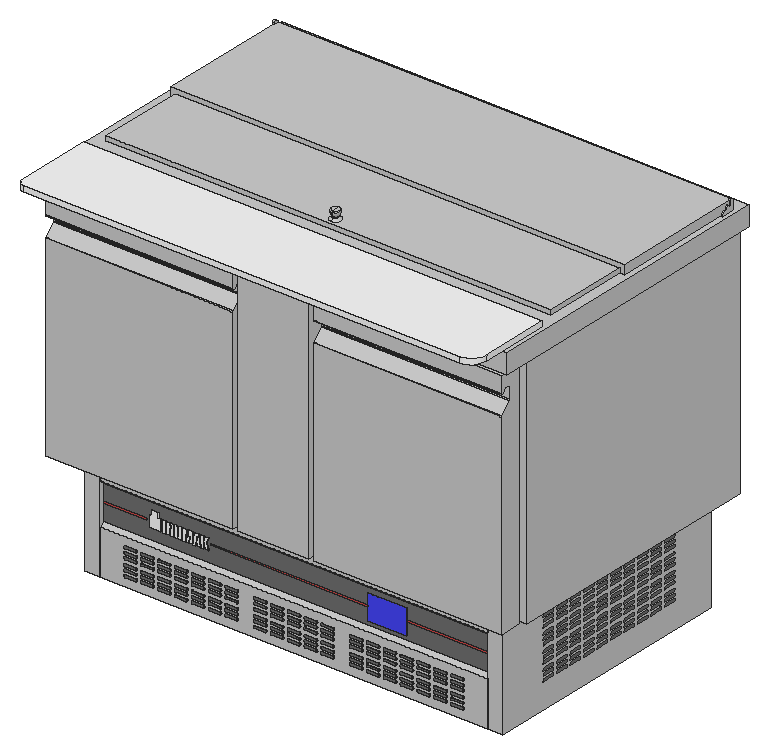
Revit family "QF_INOMAK_BSVP77_250611023528", category Specialty Equipment, Revit 2021
Family settings
  Round Connector Dimension = Use Diameter
  Part Type = Normal
  OmniClass Number = 23.40.40.14
  OmniClass Title = Food Service Equipment
  Work Plane-Based = No
  Always vertical = Yes
  Cut with Voids When Loaded = No
  Shared = No
  Room Calculation Point = No
Parameters (values of type "BSVP77")
  Weight [instance] = 91.00 kg
  Warranty Start Date [instance] = ""
  Warranty Duration [instance] = ""
  Volts [instance] = 230 V
  Volt Free Conn [instance] = no
  URL Recommended Spares List [instance] = ""
  URL Manufacturer [instance] = ""
  URL Cutsheet [instance] = ""
  URL Critical Spares List [instance] = ""
  URL = "www.inomak.com"
  Technical Documentation [instance] = ""
  Tag Number [instance] = ""
  Status [instance] = ""
  Start Up Current [instance] = 0 A
  Specification by User [instance] = ""
  Specification by Manufacturer [instance] = ""
  Sound Level [instance] = ""
  Show Logo [instance] = yes
  Show Clearances [instance] = yes
  Service Life Duration [instance] = ""
  Serial Number [instance] = ""
  Seismic Rating [instance] = ""
  SMACNA No [instance] = ""
  Revision Code [instance] = ""
  Revision [instance] = ""
  Production Year [instance] = ""
  Potential Equalisation [instance] = no
  Point Load [instance] = 0
  Phase [instance] = 1
  Other Equipment Approvals [instance] = ""
  Operational Current [instance] = 0 A
  Number of Poles [instance] = 2
  No Load Power Draw [instance] = no
  NAFEM Spec ID Number [instance] = ""
  Model Warning [instance] = ""
  Model = "BSVP77"
  Min Ckt Ampacity [instance] = 0 A
  Max Overcurrent Protection [instance] = 10 A
  Masterspec [instance] = ""
  Manufacturer = "INOMAK"
  Main switch integrated [instance] = no
  Length Actual [instance] = 1080 mm
  Item Number [instance] = ""
  Installed By [instance] = ""
  Installation Date [instance] = ""
  Identify Quantity as Lot [instance] = no
  ID [instance] = ""
  Hygiene Approval [instance] = ""
  Height Actual [instance] = 905 mm
  HP power [instance] = ""
  Furnished By [instance] = ""
  Foodservice Equipment Identifier [instance] = no
  FL Amps [instance] = 2.8 A
  Electrical Remarks [instance] = ""
  Electric power [instance] = 340 W
  Electric Connection Type [instance] = ""
  Elec Conn RI Height [instance] = 0 mm
  Elec Conn Connection Height [instance] = 0 mm
  ETL Approved [instance] = no
  Description = "BOLETUS CHILLER COUNTER WITH 2 DOORS AND RETRACTABLE LID, BASE MOTOR"
  Depth Actual [instance] = 700 mm
  Default Elevation = 0 mm
  Cycle [instance] = 50 Hz
  Cost = 0
  Connection to energy optimisation system [instance] = yes
  Conn Plug [instance] = ""
  Conn Conduit [instance] = no
  Centralized building control system with digital interface [instance] = ""
  CSI MasterFormat [instance] = ""
  CE Approved [instance] = no
  Barcode [instance] = 0
  Author [instance] = ""
  Asset Identifier [instance] = ""
  Apparent Power [instance] = 340 VA
  Accessory [instance] = no
Reference planes
  plane 1 "Center (Front/Back)": y = 0
  plane 2: z = 0
  plane 3 "Center (Left/Right)": x = 0
Forms (mm)
  Extrusion 1, solid, not visible
    sketch origin (1000.049, -42.002, 150.007) x (1, 0, 0) y (0, 1, 0)
      loop
        line (-2, 2) -> (-2, -2) -> (2, -2) -> (2, 2) -> (-2, 2)
    from -2 to 2
Dimensions and locks
  locked: Extrusion 1 to nested 2
  locked: nested 2 to Extrusion 1 at 2
  aligned and locked: level to plane 2
Nested families
  nested 1: "QF_INOMAK_REF_BASE_MOTOR_2920" at (0, 0, 0), type "BSVP77"
    with Weight 91.00 kg, Warranty Start Date "", Warranty Duration "", URL Cutsheet "", Technical Documentation "", Tag Number "", Status "", Specification by User "", Specification by Manufacturer "", Sound Level "", Solid Fuel Type "", Show Clearances yes, Show Clearance yes, Service Life Duration "", Serial Number "", Seismic Rating "", SMACNA No "", Revision Code "", Revision "", Production Year "", Point Load 0, Other Equipment Approvals "", NAFEM Spec ID Number "", Model Warning "", Masterspec "", Length Actual 1080 mm, Item Number "", Installed By "", Installation Date "", Identify Quantity as Lot yes, ID "", Hygiene Approval "", Height Actual 905 mm, Furnished By "", Foodservice Equipment Identifier yes, Finish none, ETL Approved yes, Depth Actual 700 mm, CSI MasterFormat "", CE Approved yes, Barcode "", Author "", Asset Identifier "", Accessory no
  nested 2: "CONN_POINT_ELE_2D___Generic_Annotation" at (1000.049, -40.002, 150.007), type "CONN_POINT_ELE_2D___Generic_Annotation"
    with Onboard connection annotation symbol visibility yes
  nested 3: "QF_INOMAK_REF_SALADETTE_WORKTOPS_LID_5707" at (0, 0, 812), type "WTRL-1080-700"
    with Worktop thickness 46 mm, Weight 0.00 kg, Warranty Start Date "", Warranty Duration "", URL Cutsheet "", Technical Documentation "", Tag Number "", Status "", Specification by User "", Specification by Manufacturer "", Sound Level "", Solid Fuel Type "", Show Logo yes, Show Clearances yes, Show Clearance yes, Service Life Duration "", Serial Number "", Seismic Rating "", SMACNA No "", Revision Code "", Revision "", Production Year "", Point Load 0, Other Equipment Approvals "", NAFEM Spec ID Number "", Model Warning "", Masterspec "", Length Actual 1080 mm, Item Number "", Installed By "", Installation Date "", Identify Quantity as Lot yes, ID "", Hygiene Approval "", Height Actual 46 mm, Height AFF 0 mm, Furnished By "", Foodservice Equipment Identifier yes, Finish none, ETL Approved yes, Depth Actual 700 mm, CSI MasterFormat "", CE Approved yes, Barcode "", Author "", Asset Identifier "", Accessory yes
Connectors
  electrical at (1000.049, -40.002, 150.007), driven by "Apparent Power", driven by "Number of Poles", driven by "Volts"
    settings: on Extrusion 1, index 1, voltage 230 V, apparent load 0 VA, apparent load phase1 340 VA, apparent load phase2 0 VA, apparent load phase3 0 VA, power factor 1, load classification "Other", number of poles 2, system type 31, power factor state 1, is connector primary yes, connector utility no, sub classification motor no, connector description "Electrical connection for BSVP77"
Definition of nested family "QF_INOMAK_REF_BASE_MOTOR_2920"
  Parameters (values of type "BRVP7300")
    Weight [instance] = 0.00 kg
    Warranty Start Date [instance] = ""
    Warranty Duration [instance] = ""
    URL Cutsheet [instance] = ""
    URL = "www.inomak.com"
    Technical Documentation [instance] = ""
    Tag Number [instance] = ""
    Status [instance] = ""
    Specification by User [instance] = ""
    Specification by Manufacturer [instance] = ""
    Sound Level [instance] = ""
    Solid Fuel Type [instance] = ""
    Show Logo = yes
    Show Clearances [instance] = yes
    Show Clearance [instance] = yes
    Service Life Duration [instance] = ""
    Serial Number [instance] = ""
    Seismic Rating [instance] = ""
    SMACNA No [instance] = ""
    Revision Code [instance] = ""
    Revision [instance] = ""
    Production Year [instance] = ""
    Point Load [instance] = 0
    Other Equipment Approvals [instance] = ""
    NAFEM Spec ID Number [instance] = ""
    Model Warning [instance] = ""
    Model = "BRVP7300"
    Masterspec [instance] = ""
    Manufacturer = "INOMAK"
    Length Actual [instance] = 0 mm
    Item Number [instance] = ""
    Installed By [instance] = ""
    Installation Date [instance] = ""
    Identify Quantity as Lot [instance] = yes
    ID [instance] = ""
    Hygiene Approval [instance] = ""
    Height Actual [instance] = 0 mm
    Furnished By [instance] = ""
    Foodservice Equipment Identifier [instance] = yes
    Finish [instance] = none
    ETL Approved [instance] = yes
    Description = "BOLETUS SALADETTE COUNTER WITH DOUBLE SNEEZE GUARD AND 2 DOORS, BASE MOTOR"
    Depth Actual [instance] = 0 mm
    Default Elevation = 0 mm
    CSI MasterFormat [instance] = ""
    CE Approved [instance] = yes
    Barcode [instance] = ""
    Author [instance] = ""
    Asset Identifier [instance] = ""
    Assembly Code = "E1090320"
    Accessory [instance] = yes
  Types (7, lengths in mm): name | Model | Description
    BPVP7300 | "BPVP7300" | "BOLETUS CHILLER COUNTER WITH 2 DOORS, BASE MOTOR"
    BSVP77 | "BSVP77" | "BOLETUS CHILLER COUNTER WITH 2 DOORS AND RETRACTABLE LID, BASE MOTOR"
    BSVP7300 | "BSVP7300" | "BOLETUS REFRIGERATED COUNTER WITH BASE MOTOR AND FLEXIBLE VITRINE SYSTEM"
    BPZP7300 | "BPZP7300" | "BOLETUS SALADETTE COUNTER WITH PREP STATION AND 2 DOORS, BASE MOTOR"
    BVVP7300 | "BVVP7300" | "BOLETUS SALADETTE COUNTER WITH SINGLE SNEEZE GUARD AND 2 DOORS, BASE MOTOR"
    BSQP7300 | "BSQP7300" | "BOLETUS SALADETTE COUNTER WITH SQUARE SHOWCASE AND 2 DOORS, BASE MOTOR"
    BRVP7300 | "BRVP7300" | "BOLETUS SALADETTE COUNTER WITH DOUBLE SNEEZE GUARD AND 2 DOORS, BASE MOTOR"
  Reference planes
    plane 1 "Back": y = 0
    plane 2: z = 0
    plane 3 "Left": x = 0
    plane 4 "Right": x = 1080
    plane 5 "Front": y = -700
    plane 6 "Top": z = 812
  Forms (mm)
    Extrusion 1, solid
      sketch origin (-1817.685, -640, 3553.67) x (-1, 0, 0) y (0, 0, 1)
        loop
          line (-2612.685, -3353.789) -> (-2612.685, -3411.65) -> (-2522.133, -3411.65) -> (-2522.133, -3353.789) -> (-2612.685, -3353.789)
      from 7.3 to 10.302
    Extrusion 2, solid
      sketch origin (-1732.685, -640, 3553.67) x (-1, 0, 0) y (0, 0, 1)
        loop
          line (-1823.685, -3342.27) -> (-2721.685, -3342.27) -> (-2721.685, -3421.309) -> (-1823.685, -3421.309) -> (-1823.685, -3342.27)
      from 7.8 to 10.302
    Extrusion 3, solid, visible <- "Show Logo"
      sketch origin (-1577.685, -640, 3553.67) x (-1, 0, 0) y (0, 0, 1)
        loop
          line (-1776.745, -3369.74) -> (-1782.745, -3369.74) -> (-1782.745, -3358.633) -> (-1796.982, -3358.633) -> (-1796.982, -3369.74) -> (-1802.982, -3369.74) -> (-1802.982, -3395.99) -> (-1776.745, -3395.99) -> (-1776.745, -3369.74)
        loop
          line (-1807.298, -3370.052) -> (-1814.587, -3370.052) -> (-1814.587, -3395.99) -> (-1807.298, -3395.99) -> (-1807.298, -3370.052)
        loop
          line (-1817.107, -3395.99) -> (-1817.107, -3370.052) -> (-1823.94, -3370.052) -> (-1827.134, -3381.971) -> (-1827.134, -3370.052) -> (-1833.666, -3370.052) -> (-1833.666, -3395.99) -> (-1827.134, -3395.99) -> (-1823.42, -3382.127) -> (-1823.42, -3395.99) -> (-1817.107, -3395.99)
        loop
          line (-1854.348, -3395.99) -> (-1854.348, -3370.052) -> (-1863.311, -3370.052) -> (-1865.673, -3384.062) -> (-1868.035, -3370.052) -> (-1876.997, -3370.052) -> (-1876.997, -3395.99) -> (-1870.372, -3395.99) -> (-1870.372, -3382.127) -> (-1868.035, -3395.99) -> (-1863.311, -3395.99) -> (-1860.973, -3382.127) -> (-1860.973, -3395.99) -> (-1854.348, -3395.99)
        loop
          line (-1839.536, -3370.052) -> (-1848.861, -3370.052)
          arc (-1848.861, -3370.052) -> (-1851.458, -3371.128) -> (-1852.533, -3373.724) r 3.672
          line (-1852.533, -3373.724) -> (-1852.533, -3392.318)
          arc (-1852.533, -3392.318) -> (-1851.458, -3394.914) -> (-1848.861, -3395.99) r 3.672
          line (-1848.861, -3395.99) -> (-1839.536, -3395.99)
          arc (-1839.536, -3395.99) -> (-1836.939, -3394.914) -> (-1835.864, -3392.318) r 3.672
          line (-1835.864, -3392.318) -> (-1835.864, -3373.724)
          arc (-1835.864, -3373.724) -> (-1836.939, -3371.128) -> (-1839.536, -3370.052) r 3.672
        loop
          arc (-1843.172, -3373.208) -> (-1844.198, -3372.181) -> (-1845.225, -3373.208) r 1.027
          line (-1845.225, -3373.208) -> (-1845.225, -3391.801)
          arc (-1845.225, -3391.801) -> (-1844.198, -3392.828) -> (-1843.172, -3391.801) r 1.027
          line (-1843.172, -3391.801) -> (-1843.172, -3373.208)
        loop
          line (-1878.066, -3395.99) -> (-1882.439, -3370.052) -> (-1891.3, -3370.052) -> (-1895.673, -3395.99) -> (-1889.146, -3395.99) -> (-1888.536, -3391.027) -> (-1885.203, -3391.027) -> (-1884.593, -3395.99) -> (-1878.066, -3395.99)
        loop
          line (-1885.759, -3386.498) -> (-1886.87, -3377.452) -> (-1887.98, -3386.498) -> (-1885.759, -3386.498)
        loop
          line (-1896.638, -3395.99) -> (-1896.638, -3370.052) -> (-1903.263, -3370.052) -> (-1903.263, -3379.165) -> (-1906.049, -3370.052) -> (-1913.487, -3370.052) -> (-1909.159, -3381.329) -> (-1914.207, -3395.99) -> (-1906.623, -3395.99) -> (-1903.263, -3383.45) -> (-1903.263, -3395.99) -> (-1896.638, -3395.99)
      from 7.3 to 10.3
    Extrusion 4, solid
      sketch origin (-1732.685, -640, 3553.67) x (-1, 0, 0) y (0, 0, 1)
        loop
          line (-1823.685, -3379.789) -> (-1924.679, -3379.789) -> (-1924.679, -3383.789) -> (-1823.685, -3383.789) -> (-1823.685, -3379.789)
        loop
          line (-2073.161, -3379.789) -> (-2437.133, -3379.789) -> (-2437.133, -3383.789) -> (-2073.161, -3383.789) -> (-2073.161, -3379.789)
        loop
          line (-2721.685, -3379.789) -> (-2721.685, -3383.789) -> (-2527.685, -3383.789) -> (-2527.685, -3379.789) -> (-2721.685, -3379.789)
      from 7.3 to 10.302
    Extrusion 5, solid, material <- "Finish"
      sketch origin (0, 84.612, -2428.33) x (0, 1, 0) y (0, 0, 1)
        loop
          line (-724.612, 2698.33) -> (-724.612, 2648.032) -> (-716.31, 2639.73) -> (-716.31, 2560.691) -> (-724.612, 2552.389) -> (-724.612, 2448.33) -> (-124.612, 2448.33) -> (-124.612, 2698.33) -> (-724.612, 2698.33)
      from 91 to 989
    Extrusion 6, solid, material <- "Finish"
      sketch origin (56, -9.097, -395.687) x (1, 0, 0) y (0, 1, 0)
        loop
          line (0, -630.903) -> (35, -630.903) -> (35, -30.903) -> (0, -30.903) -> (0, -630.903)
      from 415.687 to 665.687
    Extrusion 7, solid, material <- "Finish"
      sketch origin (664, -9.097, -395.687) x (-1, 0, 0) y (0, -1, 0)
        loop
          line (-360, 630.903) -> (-360, 30.903) -> (-325, 30.903) -> (-325, 630.903) -> (-360, 630.903)
      from 415.687 to 665.687
    Extrusion 8, solid
      sketch origin (-1577.755, -657, -505.005) x (-1, 0, 0) y (0, 0, 1)
        loop
          arc (-1985.436, 609.535) -> (-1988.436, 606.535) -> (-1985.436, 603.535) r 3
          line (-1985.436, 603.535) -> (-1961.436, 603.535)
          arc (-1961.436, 603.535) -> (-1958.436, 606.535) -> (-1961.436, 609.535) r 3
          line (-1961.436, 609.535) -> (-1985.436, 609.535)
        loop
          arc (-1946.436, 609.535) -> (-1949.436, 606.535) -> (-1946.436, 603.535) r 3
          line (-1946.436, 603.535) -> (-1922.436, 603.535)
          arc (-1922.436, 603.535) -> (-1919.436, 606.535) -> (-1922.436, 609.535) r 3
          line (-1922.436, 609.535) -> (-1946.436, 609.535)
        loop
          arc (-1907.436, 609.535) -> (-1910.436, 606.535) -> (-1907.436, 603.535) r 3
          line (-1907.436, 603.535) -> (-1883.436, 603.535)
          arc (-1883.436, 603.535) -> (-1880.436, 606.535) -> (-1883.436, 609.535) r 3
          line (-1883.436, 609.535) -> (-1907.436, 609.535)
        loop
          arc (-1868.436, 609.535) -> (-1871.436, 606.535) -> (-1868.436, 603.535) r 3
          line (-1868.436, 603.535) -> (-1844.436, 603.535)
          arc (-1844.436, 603.535) -> (-1841.436, 606.535) -> (-1844.436, 609.535) r 3
          line (-1844.436, 609.535) -> (-1868.436, 609.535)
        loop
          arc (-1829.436, 609.535) -> (-1832.436, 606.535) -> (-1829.436, 603.535) r 3
          line (-1829.436, 603.535) -> (-1805.436, 603.535)
          arc (-1805.436, 603.535) -> (-1802.436, 606.535) -> (-1805.436, 609.535) r 3
          line (-1805.436, 609.535) -> (-1829.436, 609.535)
        loop
          arc (-1790.436, 609.535) -> (-1793.436, 606.535) -> (-1790.436, 603.535) r 3
          line (-1790.436, 603.535) -> (-1766.436, 603.535)
          arc (-1766.436, 603.535) -> (-1763.436, 606.535) -> (-1766.436, 609.535) r 3
          line (-1766.436, 609.535) -> (-1790.436, 609.535)
        loop
          arc (-1751.436, 609.535) -> (-1754.436, 606.535) -> (-1751.436, 603.535) r 3
          line (-1751.436, 603.535) -> (-1727.436, 603.535)
          arc (-1727.436, 603.535) -> (-1724.436, 606.535) -> (-1727.436, 609.535) r 3
          line (-1727.436, 609.535) -> (-1751.436, 609.535)
        loop
          arc (-1985.436, 598.535) -> (-1988.436, 595.535) -> (-1985.436, 592.535) r 3
          line (-1985.436, 592.535) -> (-1961.436, 592.535)
          arc (-1961.436, 592.535) -> (-1958.436, 595.535) -> (-1961.436, 598.535) r 3
          line (-1961.436, 598.535) -> (-1985.436, 598.535)
        loop
          arc (-1946.436, 598.535) -> (-1949.436, 595.535) -> (-1946.436, 592.535) r 3
          line (-1946.436, 592.535) -> (-1922.436, 592.535)
          arc (-1922.436, 592.535) -> (-1919.436, 595.535) -> (-1922.436, 598.535) r 3
          line (-1922.436, 598.535) -> (-1946.436, 598.535)
        loop
          arc (-1907.436, 598.535) -> (-1910.436, 595.535) -> (-1907.436, 592.535) r 3
          line (-1907.436, 592.535) -> (-1883.436, 592.535)
          arc (-1883.436, 592.535) -> (-1880.436, 595.535) -> (-1883.436, 598.535) r 3
          line (-1883.436, 598.535) -> (-1907.436, 598.535)
        loop
          arc (-1868.436, 598.535) -> (-1871.436, 595.535) -> (-1868.436, 592.535) r 3
          line (-1868.436, 592.535) -> (-1844.436, 592.535)
          arc (-1844.436, 592.535) -> (-1841.436, 595.535) -> (-1844.436, 598.535) r 3
          line (-1844.436, 598.535) -> (-1868.436, 598.535)
        loop
          arc (-1829.436, 598.535) -> (-1832.436, 595.535) -> (-1829.436, 592.535) r 3
          line (-1829.436, 592.535) -> (-1805.436, 592.535)
          arc (-1805.436, 592.535) -> (-1802.436, 595.535) -> (-1805.436, 598.535) r 3
          line (-1805.436, 598.535) -> (-1829.436, 598.535)
        loop
          arc (-1790.436, 598.535) -> (-1793.436, 595.535) -> (-1790.436, 592.535) r 3
          line (-1790.436, 592.535) -> (-1766.436, 592.535)
          arc (-1766.436, 592.535) -> (-1763.436, 595.535) -> (-1766.436, 598.535) r 3
          line (-1766.436, 598.535) -> (-1790.436, 598.535)
        loop
          arc (-1751.436, 598.535) -> (-1754.436, 595.535) -> (-1751.436, 592.535) r 3
          line (-1751.436, 592.535) -> (-1727.436, 592.535)
          arc (-1727.436, 592.535) -> (-1724.436, 595.535) -> (-1727.436, 598.535) r 3
          line (-1727.436, 598.535) -> (-1751.436, 598.535)
        loop
          arc (-1985.436, 587.535) -> (-1988.436, 584.535) -> (-1985.436, 581.535) r 3
          line (-1985.436, 581.535) -> (-1961.436, 581.535)
          arc (-1961.436, 581.535) -> (-1958.436, 584.535) -> (-1961.436, 587.535) r 3
          line (-1961.436, 587.535) -> (-1985.436, 587.535)
        loop
          arc (-1946.436, 587.535) -> (-1949.436, 584.535) -> (-1946.436, 581.535) r 3
          line (-1946.436, 581.535) -> (-1922.436, 581.535)
          arc (-1922.436, 581.535) -> (-1919.436, 584.535) -> (-1922.436, 587.535) r 3
          line (-1922.436, 587.535) -> (-1946.436, 587.535)
        loop
          arc (-1907.436, 587.535) -> (-1910.436, 584.535) -> (-1907.436, 581.535) r 3
          line (-1907.436, 581.535) -> (-1883.436, 581.535)
          arc (-1883.436, 581.535) -> (-1880.436, 584.535) -> (-1883.436, 587.535) r 3
          line (-1883.436, 587.535) -> (-1907.436, 587.535)
        loop
          arc (-1868.436, 587.535) -> (-1871.436, 584.535) -> (-1868.436, 581.535) r 3
          line (-1868.436, 581.535) -> (-1844.436, 581.535)
          arc (-1844.436, 581.535) -> (-1841.436, 584.535) -> (-1844.436, 587.535) r 3
          line (-1844.436, 587.535) -> (-1868.436, 587.535)
        loop
          arc (-1829.436, 587.535) -> (-1832.436, 584.535) -> (-1829.436, 581.535) r 3
          line (-1829.436, 581.535) -> (-1805.436, 581.535)
          arc (-1805.436, 581.535) -> (-1802.436, 584.535) -> (-1805.436, 587.535) r 3
          line (-1805.436, 587.535) -> (-1829.436, 587.535)
        loop
          arc (-1790.436, 587.535) -> (-1793.436, 584.535) -> (-1790.436, 581.535) r 3
          line (-1790.436, 581.535) -> (-1766.436, 581.535)
          arc (-1766.436, 581.535) -> (-1763.436, 584.535) -> (-1766.436, 587.535) r 3
          line (-1766.436, 587.535) -> (-1790.436, 587.535)
        loop
          arc (-1751.436, 587.535) -> (-1754.436, 584.535) -> (-1751.436, 581.535) r 3
          line (-1751.436, 581.535) -> (-1727.436, 581.535)
          arc (-1727.436, 581.535) -> (-1724.436, 584.535) -> (-1727.436, 587.535) r 3
          line (-1727.436, 587.535) -> (-1751.436, 587.535)
        loop
          arc (-1985.436, 572.535) -> (-1988.436, 569.535) -> (-1985.436, 566.535) r 3
          line (-1985.436, 566.535) -> (-1961.436, 566.535)
          arc (-1961.436, 566.535) -> (-1958.436, 569.535) -> (-1961.436, 572.535) r 3
          line (-1961.436, 572.535) -> (-1985.436, 572.535)
        loop
          arc (-1946.436, 572.535) -> (-1949.436, 569.535) -> (-1946.436, 566.535) r 3
          line (-1946.436, 566.535) -> (-1922.436, 566.535)
          arc (-1922.436, 566.535) -> (-1919.436, 569.535) -> (-1922.436, 572.535) r 3
          line (-1922.436, 572.535) -> (-1946.436, 572.535)
        loop
          arc (-1907.436, 572.535) -> (-1910.436, 569.535) -> (-1907.436, 566.535) r 3
          line (-1907.436, 566.535) -> (-1883.436, 566.535)
          arc (-1883.436, 566.535) -> (-1880.436, 569.535) -> (-1883.436, 572.535) r 3
          line (-1883.436, 572.535) -> (-1907.436, 572.535)
        loop
          arc (-1868.436, 572.535) -> (-1871.436, 569.535) -> (-1868.436, 566.535) r 3
          line (-1868.436, 566.535) -> (-1844.436, 566.535)
          arc (-1844.436, 566.535) -> (-1841.436, 569.535) -> (-1844.436, 572.535) r 3
          line (-1844.436, 572.535) -> (-1868.436, 572.535)
        loop
          arc (-1829.436, 572.535) -> (-1832.436, 569.535) -> (-1829.436, 566.535) r 3
          line (-1829.436, 566.535) -> (-1805.436, 566.535)
          arc (-1805.436, 566.535) -> (-1802.436, 569.535) -> (-1805.436, 572.535) r 3
          line (-1805.436, 572.535) -> (-1829.436, 572.535)
        loop
          arc (-1790.436, 572.535) -> (-1793.436, 569.535) -> (-1790.436, 566.535) r 3
          line (-1790.436, 566.535) -> (-1766.436, 566.535)
          arc (-1766.436, 566.535) -> (-1763.436, 569.535) -> (-1766.436, 572.535) r 3
          line (-1766.436, 572.535) -> (-1790.436, 572.535)
        loop
          arc (-1751.436, 572.535) -> (-1754.436, 569.535) -> (-1751.436, 566.535) r 3
          line (-1751.436, 566.535) -> (-1727.436, 566.535)
          arc (-1727.436, 566.535) -> (-1724.436, 569.535) -> (-1727.436, 572.535) r 3
          line (-1727.436, 572.535) -> (-1751.436, 572.535)
        loop
          arc (-1985.436, 561.535) -> (-1988.436, 558.535) -> (-1985.436, 555.535) r 3
          line (-1985.436, 555.535) -> (-1961.436, 555.535)
          arc (-1961.436, 555.535) -> (-1958.436, 558.535) -> (-1961.436, 561.535) r 3
          line (-1961.436, 561.535) -> (-1985.436, 561.535)
        loop
          arc (-1946.436, 561.535) -> (-1949.436, 558.535) -> (-1946.436, 555.535) r 3
          line (-1946.436, 555.535) -> (-1922.436, 555.535)
          arc (-1922.436, 555.535) -> (-1919.436, 558.535) -> (-1922.436, 561.535) r 3
          line (-1922.436, 561.535) -> (-1946.436, 561.535)
        loop
          arc (-1907.436, 561.535) -> (-1910.436, 558.535) -> (-1907.436, 555.535) r 3
          line (-1907.436, 555.535) -> (-1883.436, 555.535)
          arc (-1883.436, 555.535) -> (-1880.436, 558.535) -> (-1883.436, 561.535) r 3
          line (-1883.436, 561.535) -> (-1907.436, 561.535)
        loop
          arc (-1868.436, 561.535) -> (-1871.436, 558.535) -> (-1868.436, 555.535) r 3
          line (-1868.436, 555.535) -> (-1844.436, 555.535)
          arc (-1844.436, 555.535) -> (-1841.436, 558.535) -> (-1844.436, 561.535) r 3
          line (-1844.436, 561.535) -> (-1868.436, 561.535)
        loop
          arc (-1829.436, 561.535) -> (-1832.436, 558.535) -> (-1829.436, 555.535) r 3
          line (-1829.436, 555.535) -> (-1805.436, 555.535)
          arc (-1805.436, 555.535) -> (-1802.436, 558.535) -> (-1805.436, 561.535) r 3
          line (-1805.436, 561.535) -> (-1829.436, 561.535)
        loop
          arc (-1790.436, 561.535) -> (-1793.436, 558.535) -> (-1790.436, 555.535) r 3
          line (-1790.436, 555.535) -> (-1766.436, 555.535)
          arc (-1766.436, 555.535) -> (-1763.436, 558.535) -> (-1766.436, 561.535) r 3
          line (-1766.436, 561.535) -> (-1790.436, 561.535)
        loop
          arc (-1751.436, 561.535) -> (-1754.436, 558.535) -> (-1751.436, 555.535) r 3
          line (-1751.436, 555.535) -> (-1727.436, 555.535)
          arc (-1727.436, 555.535) -> (-1724.436, 558.535) -> (-1727.436, 561.535) r 3
          line (-1727.436, 561.535) -> (-1751.436, 561.535)
        loop
          arc (-1985.436, 550.535) -> (-1988.436, 547.535) -> (-1985.436, 544.535) r 3
          line (-1985.436, 544.535) -> (-1961.436, 544.535)
          arc (-1961.436, 544.535) -> (-1958.436, 547.535) -> (-1961.436, 550.535) r 3
          line (-1961.436, 550.535) -> (-1985.436, 550.535)
        loop
          arc (-1946.436, 550.535) -> (-1949.436, 547.535) -> (-1946.436, 544.535) r 3
          line (-1946.436, 544.535) -> (-1922.436, 544.535)
          arc (-1922.436, 544.535) -> (-1919.436, 547.535) -> (-1922.436, 550.535) r 3
          line (-1922.436, 550.535) -> (-1946.436, 550.535)
        loop
          arc (-1907.436, 550.535) -> (-1910.436, 547.535) -> (-1907.436, 544.535) r 3
          line (-1907.436, 544.535) -> (-1883.436, 544.535)
          arc (-1883.436, 544.535) -> (-1880.436, 547.535) -> (-1883.436, 550.535) r 3
          line (-1883.436, 550.535) -> (-1907.436, 550.535)
        loop
          arc (-1868.436, 550.535) -> (-1871.436, 547.535) -> (-1868.436, 544.535) r 3
          line (-1868.436, 544.535) -> (-1844.436, 544.535)
          arc (-1844.436, 544.535) -> (-1841.436, 547.535) -> (-1844.436, 550.535) r 3
          line (-1844.436, 550.535) -> (-1868.436, 550.535)
        loop
          arc (-1829.436, 550.535) -> (-1832.436, 547.535) -> (-1829.436, 544.535) r 3
          line (-1829.436, 544.535) -> (-1805.436, 544.535)
          arc (-1805.436, 544.535) -> (-1802.436, 547.535) -> (-1805.436, 550.535) r 3
          line (-1805.436, 550.535) -> (-1829.436, 550.535)
        loop
          arc (-1790.436, 550.535) -> (-1793.436, 547.535) -> (-1790.436, 544.535) r 3
          line (-1790.436, 544.535) -> (-1766.436, 544.535)
          arc (-1766.436, 544.535) -> (-1763.436, 547.535) -> (-1766.436, 550.535) r 3
          line (-1766.436, 550.535) -> (-1790.436, 550.535)
        loop
          arc (-1751.436, 550.535) -> (-1754.436, 547.535) -> (-1751.436, 544.535) r 3
          line (-1751.436, 544.535) -> (-1727.436, 544.535)
          arc (-1727.436, 544.535) -> (-1724.436, 547.535) -> (-1727.436, 550.535) r 3
          line (-1727.436, 550.535) -> (-1751.436, 550.535)
        loop
          line (-2250.075, 609.535) -> (-2274.075, 609.535)
          arc (-2274.075, 609.535) -> (-2277.075, 606.535) -> (-2274.075, 603.535) r 3
          line (-2274.075, 603.535) -> (-2250.075, 603.535)
          arc (-2250.075, 603.535) -> (-2247.075, 606.535) -> (-2250.075, 609.535) r 3
        loop
          line (-2289.075, 609.535) -> (-2313.075, 609.535)
          arc (-2313.075, 609.535) -> (-2316.075, 606.535) -> (-2313.075, 603.535) r 3
          line (-2313.075, 603.535) -> (-2289.075, 603.535)
          arc (-2289.075, 603.535) -> (-2286.075, 606.535) -> (-2289.075, 609.535) r 3
        loop
          line (-2328.075, 609.535) -> (-2352.075, 609.535)
          arc (-2352.075, 609.535) -> (-2355.075, 606.535) -> (-2352.075, 603.535) r 3
          line (-2352.075, 603.535) -> (-2328.075, 603.535)
          arc (-2328.075, 603.535) -> (-2325.075, 606.535) -> (-2328.075, 609.535) r 3
        loop
          line (-2367.075, 609.535) -> (-2391.075, 609.535)
          arc (-2391.075, 609.535) -> (-2394.075, 606.535) -> (-2391.075, 603.535) r 3
          line (-2391.075, 603.535) -> (-2367.075, 603.535)
          arc (-2367.075, 603.535) -> (-2364.075, 606.535) -> (-2367.075, 609.535) r 3
        loop
          line (-2406.075, 609.535) -> (-2430.075, 609.535)
          arc (-2430.075, 609.535) -> (-2433.075, 606.535) -> (-2430.075, 603.535) r 3
          line (-2430.075, 603.535) -> (-2406.075, 603.535)
          arc (-2406.075, 603.535) -> (-2403.075, 606.535) -> (-2406.075, 609.535) r 3
        loop
          line (-2445.075, 609.535) -> (-2469.075, 609.535)
          arc (-2469.075, 609.535) -> (-2472.075, 606.535) -> (-2469.075, 603.535) r 3
          line (-2469.075, 603.535) -> (-2445.075, 603.535)
          arc (-2445.075, 603.535) -> (-2442.075, 606.535) -> (-2445.075, 609.535) r 3
        loop
          line (-2484.075, 609.535) -> (-2508.075, 609.535)
          arc (-2508.075, 609.535) -> (-2511.075, 606.535) -> (-2508.075, 603.535) r 3
          line (-2508.075, 603.535) -> (-2484.075, 603.535)
          arc (-2484.075, 603.535) -> (-2481.075, 606.535) -> (-2484.075, 609.535) r 3
        loop
          line (-2250.075, 598.535) -> (-2274.075, 598.535)
          arc (-2274.075, 598.535) -> (-2277.075, 595.535) -> (-2274.075, 592.535) r 3
          line (-2274.075, 592.535) -> (-2250.075, 592.535)
          arc (-2250.075, 592.535) -> (-2247.075, 595.535) -> (-2250.075, 598.535) r 3
        loop
          line (-2289.075, 598.535) -> (-2313.075, 598.535)
          arc (-2313.075, 598.535) -> (-2316.075, 595.535) -> (-2313.075, 592.535) r 3
          line (-2313.075, 592.535) -> (-2289.075, 592.535)
          arc (-2289.075, 592.535) -> (-2286.075, 595.535) -> (-2289.075, 598.535) r 3
        loop
          line (-2328.075, 598.535) -> (-2352.075, 598.535)
          arc (-2352.075, 598.535) -> (-2355.075, 595.535) -> (-2352.075, 592.535) r 3
          line (-2352.075, 592.535) -> (-2328.075, 592.535)
          arc (-2328.075, 592.535) -> (-2325.075, 595.535) -> (-2328.075, 598.535) r 3
        loop
          line (-2367.075, 598.535) -> (-2391.075, 598.535)
          arc (-2391.075, 598.535) -> (-2394.075, 595.535) -> (-2391.075, 592.535) r 3
          line (-2391.075, 592.535) -> (-2367.075, 592.535)
          arc (-2367.075, 592.535) -> (-2364.075, 595.535) -> (-2367.075, 598.535) r 3
        loop
          line (-2406.075, 598.535) -> (-2430.075, 598.535)
          arc (-2430.075, 598.535) -> (-2433.075, 595.535) -> (-2430.075, 592.535) r 3
          line (-2430.075, 592.535) -> (-2406.075, 592.535)
          arc (-2406.075, 592.535) -> (-2403.075, 595.535) -> (-2406.075, 598.535) r 3
        loop
          line (-2445.075, 598.535) -> (-2469.075, 598.535)
          arc (-2469.075, 598.535) -> (-2472.075, 595.535) -> (-2469.075, 592.535) r 3
          line (-2469.075, 592.535) -> (-2445.075, 592.535)
          arc (-2445.075, 592.535) -> (-2442.075, 595.535) -> (-2445.075, 598.535) r 3
        loop
          line (-2484.075, 598.535) -> (-2508.075, 598.535)
          arc (-2508.075, 598.535) -> (-2511.075, 595.535) -> (-2508.075, 592.535) r 3
          line (-2508.075, 592.535) -> (-2484.075, 592.535)
          arc (-2484.075, 592.535) -> (-2481.075, 595.535) -> (-2484.075, 598.535) r 3
        loop
          line (-2250.075, 587.535) -> (-2274.075, 587.535)
          arc (-2274.075, 587.535) -> (-2277.075, 584.535) -> (-2274.075, 581.535) r 3
          line (-2274.075, 581.535) -> (-2250.075, 581.535)
          arc (-2250.075, 581.535) -> (-2247.075, 584.535) -> (-2250.075, 587.535) r 3
        loop
          line (-2289.075, 587.535) -> (-2313.075, 587.535)
          arc (-2313.075, 587.535) -> (-2316.075, 584.535) -> (-2313.075, 581.535) r 3
          line (-2313.075, 581.535) -> (-2289.075, 581.535)
          arc (-2289.075, 581.535) -> (-2286.075, 584.535) -> (-2289.075, 587.535) r 3
        loop
          line (-2328.075, 587.535) -> (-2352.075, 587.535)
          arc (-2352.075, 587.535) -> (-2355.075, 584.535) -> (-2352.075, 581.535) r 3
          line (-2352.075, 581.535) -> (-2328.075, 581.535)
          arc (-2328.075, 581.535) -> (-2325.075, 584.535) -> (-2328.075, 587.535) r 3
        loop
          line (-2367.075, 587.535) -> (-2391.075, 587.535)
          arc (-2391.075, 587.535) -> (-2394.075, 584.535) -> (-2391.075, 581.535) r 3
          line (-2391.075, 581.535) -> (-2367.075, 581.535)
          arc (-2367.075, 581.535) -> (-2364.075, 584.535) -> (-2367.075, 587.535) r 3
        loop
          line (-2406.075, 587.535) -> (-2430.075, 587.535)
          arc (-2430.075, 587.535) -> (-2433.075, 584.535) -> (-2430.075, 581.535) r 3
          line (-2430.075, 581.535) -> (-2406.075, 581.535)
          arc (-2406.075, 581.535) -> (-2403.075, 584.535) -> (-2406.075, 587.535) r 3
        loop
          line (-2445.075, 587.535) -> (-2469.075, 587.535)
          arc (-2469.075, 587.535) -> (-2472.075, 584.535) -> (-2469.075, 581.535) r 3
          line (-2469.075, 581.535) -> (-2445.075, 581.535)
          arc (-2445.075, 581.535) -> (-2442.075, 584.535) -> (-2445.075, 587.535) r 3
        loop
          line (-2484.075, 587.535) -> (-2508.075, 587.535)
          arc (-2508.075, 587.535) -> (-2511.075, 584.535) -> (-2508.075, 581.535) r 3
          line (-2508.075, 581.535) -> (-2484.075, 581.535)
          arc (-2484.075, 581.535) -> (-2481.075, 584.535) -> (-2484.075, 587.535) r 3
        loop
          line (-2250.075, 572.535) -> (-2274.075, 572.535)
          arc (-2274.075, 572.535) -> (-2277.075, 569.535) -> (-2274.075, 566.535) r 3
          line (-2274.075, 566.535) -> (-2250.075, 566.535)
          arc (-2250.075, 566.535) -> (-2247.075, 569.535) -> (-2250.075, 572.535) r 3
        loop
          line (-2289.075, 572.535) -> (-2313.075, 572.535)
          arc (-2313.075, 572.535) -> (-2316.075, 569.535) -> (-2313.075, 566.535) r 3
          line (-2313.075, 566.535) -> (-2289.075, 566.535)
          arc (-2289.075, 566.535) -> (-2286.075, 569.535) -> (-2289.075, 572.535) r 3
        loop
          line (-2328.075, 572.535) -> (-2352.075, 572.535)
          arc (-2352.075, 572.535) -> (-2355.075, 569.535) -> (-2352.075, 566.535) r 3
          line (-2352.075, 566.535) -> (-2328.075, 566.535)
          arc (-2328.075, 566.535) -> (-2325.075, 569.535) -> (-2328.075, 572.535) r 3
        loop
          line (-2367.075, 572.535) -> (-2391.075, 572.535)
          arc (-2391.075, 572.535) -> (-2394.075, 569.535) -> (-2391.075, 566.535) r 3
          line (-2391.075, 566.535) -> (-2367.075, 566.535)
          arc (-2367.075, 566.535) -> (-2364.075, 569.535) -> (-2367.075, 572.535) r 3
        loop
          line (-2406.075, 572.535) -> (-2430.075, 572.535)
          arc (-2430.075, 572.535) -> (-2433.075, 569.535) -> (-2430.075, 566.535) r 3
          line (-2430.075, 566.535) -> (-2406.075, 566.535)
          arc (-2406.075, 566.535) -> (-2403.075, 569.535) -> (-2406.075, 572.535) r 3
        loop
          line (-2445.075, 572.535) -> (-2469.075, 572.535)
          arc (-2469.075, 572.535) -> (-2472.075, 569.535) -> (-2469.075, 566.535) r 3
          line (-2469.075, 566.535) -> (-2445.075, 566.535)
          arc (-2445.075, 566.535) -> (-2442.075, 569.535) -> (-2445.075, 572.535) r 3
        loop
          line (-2484.075, 572.535) -> (-2508.075, 572.535)
          arc (-2508.075, 572.535) -> (-2511.075, 569.535) -> (-2508.075, 566.535) r 3
          line (-2508.075, 566.535) -> (-2484.075, 566.535)
          arc (-2484.075, 566.535) -> (-2481.075, 569.535) -> (-2484.075, 572.535) r 3
        loop
          line (-2250.075, 561.535) -> (-2274.075, 561.535)
          arc (-2274.075, 561.535) -> (-2277.075, 558.535) -> (-2274.075, 555.535) r 3
          line (-2274.075, 555.535) -> (-2250.075, 555.535)
          arc (-2250.075, 555.535) -> (-2247.075, 558.535) -> (-2250.075, 561.535) r 3
        loop
          line (-2289.075, 561.535) -> (-2313.075, 561.535)
          arc (-2313.075, 561.535) -> (-2316.075, 558.535) -> (-2313.075, 555.535) r 3
          line (-2313.075, 555.535) -> (-2289.075, 555.535)
          arc (-2289.075, 555.535) -> (-2286.075, 558.535) -> (-2289.075, 561.535) r 3
        loop
          line (-2328.075, 561.535) -> (-2352.075, 561.535)
          arc (-2352.075, 561.535) -> (-2355.075, 558.535) -> (-2352.075, 555.535) r 3
          line (-2352.075, 555.535) -> (-2328.075, 555.535)
          arc (-2328.075, 555.535) -> (-2325.075, 558.535) -> (-2328.075, 561.535) r 3
        loop
          line (-2367.075, 561.535) -> (-2391.075, 561.535)
          arc (-2391.075, 561.535) -> (-2394.075, 558.535) -> (-2391.075, 555.535) r 3
          line (-2391.075, 555.535) -> (-2367.075, 555.535)
          arc (-2367.075, 555.535) -> (-2364.075, 558.535) -> (-2367.075, 561.535) r 3
        loop
          line (-2406.075, 561.535) -> (-2430.075, 561.535)
          arc (-2430.075, 561.535) -> (-2433.075, 558.535) -> (-2430.075, 555.535) r 3
          line (-2430.075, 555.535) -> (-2406.075, 555.535)
          arc (-2406.075, 555.535) -> (-2403.075, 558.535) -> (-2406.075, 561.535) r 3
        loop
          line (-2445.075, 561.535) -> (-2469.075, 561.535)
          arc (-2469.075, 561.535) -> (-2472.075, 558.535) -> (-2469.075, 555.535) r 3
          line (-2469.075, 555.535) -> (-2445.075, 555.535)
          arc (-2445.075, 555.535) -> (-2442.075, 558.535) -> (-2445.075, 561.535) r 3
        loop
          line (-2484.075, 561.535) -> (-2508.075, 561.535)
          arc (-2508.075, 561.535) -> (-2511.075, 558.535) -> (-2508.075, 555.535) r 3
          line (-2508.075, 555.535) -> (-2484.075, 555.535)
          arc (-2484.075, 555.535) -> (-2481.075, 558.535) -> (-2484.075, 561.535) r 3
        loop
          line (-2250.075, 550.535) -> (-2274.075, 550.535)
          arc (-2274.075, 550.535) -> (-2277.075, 547.535) -> (-2274.075, 544.535) r 3
          line (-2274.075, 544.535) -> (-2250.075, 544.535)
          arc (-2250.075, 544.535) -> (-2247.075, 547.535) -> (-2250.075, 550.535) r 3
        loop
          line (-2289.075, 550.535) -> (-2313.075, 550.535)
          arc (-2313.075, 550.535) -> (-2316.075, 547.535) -> (-2313.075, 544.535) r 3
          line (-2313.075, 544.535) -> (-2289.075, 544.535)
          arc (-2289.075, 544.535) -> (-2286.075, 547.535) -> (-2289.075, 550.535) r 3
        loop
          line (-2328.075, 550.535) -> (-2352.075, 550.535)
          arc (-2352.075, 550.535) -> (-2355.075, 547.535) -> (-2352.075, 544.535) r 3
          line (-2352.075, 544.535) -> (-2328.075, 544.535)
          arc (-2328.075, 544.535) -> (-2325.075, 547.535) -> (-2328.075, 550.535) r 3
        loop
          line (-2367.075, 550.535) -> (-2391.075, 550.535)
          arc (-2391.075, 550.535) -> (-2394.075, 547.535) -> (-2391.075, 544.535) r 3
          line (-2391.075, 544.535) -> (-2367.075, 544.535)
          arc (-2367.075, 544.535) -> (-2364.075, 547.535) -> (-2367.075, 550.535) r 3
        loop
          line (-2406.075, 550.535) -> (-2430.075, 550.535)
          arc (-2430.075, 550.535) -> (-2433.075, 547.535) -> (-2430.075, 544.535) r 3
          line (-2430.075, 544.535) -> (-2406.075, 544.535)
          arc (-2406.075, 544.535) -> (-2403.075, 547.535) -> (-2406.075, 550.535) r 3
        loop
          line (-2445.075, 550.535) -> (-2469.075, 550.535)
          arc (-2469.075, 550.535) -> (-2472.075, 547.535) -> (-2469.075, 544.535) r 3
          line (-2469.075, 544.535) -> (-2445.075, 544.535)
          arc (-2445.075, 544.535) -> (-2442.075, 547.535) -> (-2445.075, 550.535) r 3
        loop
          line (-2484.075, 550.535) -> (-2508.075, 550.535)
          arc (-2508.075, 550.535) -> (-2511.075, 547.535) -> (-2508.075, 544.535) r 3
          line (-2508.075, 544.535) -> (-2484.075, 544.535)
          arc (-2484.075, 544.535) -> (-2481.075, 547.535) -> (-2484.075, 550.535) r 3
        loop
          line (-2027.755, 609.535) -> (-2051.755, 609.535)
          arc (-2051.755, 609.535) -> (-2054.755, 606.535) -> (-2051.755, 603.535) r 3
          line (-2051.755, 603.535) -> (-2027.755, 603.535)
          arc (-2027.755, 603.535) -> (-2024.755, 606.535) -> (-2027.755, 609.535) r 3
        loop
          line (-2066.755, 609.535) -> (-2090.755, 609.535)
          arc (-2090.755, 609.535) -> (-2093.755, 606.535) -> (-2090.755, 603.535) r 3
          line (-2090.755, 603.535) -> (-2066.755, 603.535)
          arc (-2066.755, 603.535) -> (-2063.755, 606.535) -> (-2066.755, 609.535) r 3
        loop
          line (-2105.755, 609.535) -> (-2129.755, 609.535)
          arc (-2129.755, 609.535) -> (-2132.755, 606.535) -> (-2129.755, 603.535) r 3
          line (-2129.755, 603.535) -> (-2105.755, 603.535)
          arc (-2105.755, 603.535) -> (-2102.755, 606.535) -> (-2105.755, 609.535) r 3
        loop
          line (-2144.755, 609.535) -> (-2168.755, 609.535)
          arc (-2168.755, 609.535) -> (-2171.755, 606.535) -> (-2168.755, 603.535) r 3
          line (-2168.755, 603.535) -> (-2144.755, 603.535)
          arc (-2144.755, 603.535) -> (-2141.755, 606.535) -> (-2144.755, 609.535) r 3
        loop
          line (-2183.755, 609.535) -> (-2207.755, 609.535)
          arc (-2207.755, 609.535) -> (-2210.755, 606.535) -> (-2207.755, 603.535) r 3
          line (-2207.755, 603.535) -> (-2183.755, 603.535)
          arc (-2183.755, 603.535) -> (-2180.755, 606.535) -> (-2183.755, 609.535) r 3
        loop
          line (-2027.755, 598.535) -> (-2051.755, 598.535)
          arc (-2051.755, 598.535) -> (-2054.755, 595.535) -> (-2051.755, 592.535) r 3
          line (-2051.755, 592.535) -> (-2027.755, 592.535)
          arc (-2027.755, 592.535) -> (-2024.755, 595.535) -> (-2027.755, 598.535) r 3
        loop
          line (-2066.755, 598.535) -> (-2090.755, 598.535)
          arc (-2090.755, 598.535) -> (-2093.755, 595.535) -> (-2090.755, 592.535) r 3
          line (-2090.755, 592.535) -> (-2066.755, 592.535)
          arc (-2066.755, 592.535) -> (-2063.755, 595.535) -> (-2066.755, 598.535) r 3
        loop
          line (-2105.755, 598.535) -> (-2129.755, 598.535)
          arc (-2129.755, 598.535) -> (-2132.755, 595.535) -> (-2129.755, 592.535) r 3
          line (-2129.755, 592.535) -> (-2105.755, 592.535)
          arc (-2105.755, 592.535) -> (-2102.755, 595.535) -> (-2105.755, 598.535) r 3
        loop
          line (-2144.755, 598.535) -> (-2168.755, 598.535)
          arc (-2168.755, 598.535) -> (-2171.755, 595.535) -> (-2168.755, 592.535) r 3
          line (-2168.755, 592.535) -> (-2144.755, 592.535)
          arc (-2144.755, 592.535) -> (-2141.755, 595.535) -> (-2144.755, 598.535) r 3
        loop
          line (-2183.755, 598.535) -> (-2207.755, 598.535)
          arc (-2207.755, 598.535) -> (-2210.755, 595.535) -> (-2207.755, 592.535) r 3
          line (-2207.755, 592.535) -> (-2183.755, 592.535)
          arc (-2183.755, 592.535) -> (-2180.755, 595.535) -> (-2183.755, 598.535) r 3
        loop
          line (-2027.755, 587.535) -> (-2051.755, 587.535)
          arc (-2051.755, 587.535) -> (-2054.755, 584.535) -> (-2051.755, 581.535) r 3
          line (-2051.755, 581.535) -> (-2027.755, 581.535)
          arc (-2027.755, 581.535) -> (-2024.755, 584.535) -> (-2027.755, 587.535) r 3
        loop
          line (-2066.755, 587.535) -> (-2090.755, 587.535)
          arc (-2090.755, 587.535) -> (-2093.755, 584.535) -> (-2090.755, 581.535) r 3
          line (-2090.755, 581.535) -> (-2066.755, 581.535)
          arc (-2066.755, 581.535) -> (-2063.755, 584.535) -> (-2066.755, 587.535) r 3
        loop
          line (-2105.755, 587.535) -> (-2129.755, 587.535)
          arc (-2129.755, 587.535) -> (-2132.755, 584.535) -> (-2129.755, 581.535) r 3
          line (-2129.755, 581.535) -> (-2105.755, 581.535)
          arc (-2105.755, 581.535) -> (-2102.755, 584.535) -> (-2105.755, 587.535) r 3
        loop
          line (-2144.755, 587.535) -> (-2168.755, 587.535)
          arc (-2168.755, 587.535) -> (-2171.755, 584.535) -> (-2168.755, 581.535) r 3
          line (-2168.755, 581.535) -> (-2144.755, 581.535)
          arc (-2144.755, 581.535) -> (-2141.755, 584.535) -> (-2144.755, 587.535) r 3
        loop
          line (-2183.755, 587.535) -> (-2207.755, 587.535)
          arc (-2207.755, 587.535) -> (-2210.755, 584.535) -> (-2207.755, 581.535) r 3
          line (-2207.755, 581.535) -> (-2183.755, 581.535)
          arc (-2183.755, 581.535) -> (-2180.755, 584.535) -> (-2183.755, 587.535) r 3
        loop
          line (-2027.755, 572.535) -> (-2051.755, 572.535)
          arc (-2051.755, 572.535) -> (-2054.755, 569.535) -> (-2051.755, 566.535) r 3
          line (-2051.755, 566.535) -> (-2027.755, 566.535)
          arc (-2027.755, 566.535) -> (-2024.755, 569.535) -> (-2027.755, 572.535) r 3
        loop
          line (-2066.755, 572.535) -> (-2090.755, 572.535)
          arc (-2090.755, 572.535) -> (-2093.755, 569.535) -> (-2090.755, 566.535) r 3
          line (-2090.755, 566.535) -> (-2066.755, 566.535)
          arc (-2066.755, 566.535) -> (-2063.755, 569.535) -> (-2066.755, 572.535) r 3
        loop
          line (-2105.755, 572.535) -> (-2129.755, 572.535)
          arc (-2129.755, 572.535) -> (-2132.755, 569.535) -> (-2129.755, 566.535) r 3
          line (-2129.755, 566.535) -> (-2105.755, 566.535)
          arc (-2105.755, 566.535) -> (-2102.755, 569.535) -> (-2105.755, 572.535) r 3
        loop
          line (-2144.755, 572.535) -> (-2168.755, 572.535)
          arc (-2168.755, 572.535) -> (-2171.755, 569.535) -> (-2168.755, 566.535) r 3
          line (-2168.755, 566.535) -> (-2144.755, 566.535)
          arc (-2144.755, 566.535) -> (-2141.755, 569.535) -> (-2144.755, 572.535) r 3
        loop
          line (-2183.755, 572.535) -> (-2207.755, 572.535)
          arc (-2207.755, 572.535) -> (-2210.755, 569.535) -> (-2207.755, 566.535) r 3
          line (-2207.755, 566.535) -> (-2183.755, 566.535)
          arc (-2183.755, 566.535) -> (-2180.755, 569.535) -> (-2183.755, 572.535) r 3
        loop
          line (-2027.755, 561.535) -> (-2051.755, 561.535)
          arc (-2051.755, 561.535) -> (-2054.755, 558.535) -> (-2051.755, 555.535) r 3
          line (-2051.755, 555.535) -> (-2027.755, 555.535)
          arc (-2027.755, 555.535) -> (-2024.755, 558.535) -> (-2027.755, 561.535) r 3
        loop
          line (-2066.755, 561.535) -> (-2090.755, 561.535)
          arc (-2090.755, 561.535) -> (-2093.755, 558.535) -> (-2090.755, 555.535) r 3
          line (-2090.755, 555.535) -> (-2066.755, 555.535)
          arc (-2066.755, 555.535) -> (-2063.755, 558.535) -> (-2066.755, 561.535) r 3
        loop
          line (-2105.755, 561.535) -> (-2129.755, 561.535)
          arc (-2129.755, 561.535) -> (-2132.755, 558.535) -> (-2129.755, 555.535) r 3
          line (-2129.755, 555.535) -> (-2105.755, 555.535)
          arc (-2105.755, 555.535) -> (-2102.755, 558.535) -> (-2105.755, 561.535) r 3
        loop
          line (-2144.755, 561.535) -> (-2168.755, 561.535)
          arc (-2168.755, 561.535) -> (-2171.755, 558.535) -> (-2168.755, 555.535) r 3
          line (-2168.755, 555.535) -> (-2144.755, 555.535)
          arc (-2144.755, 555.535) -> (-2141.755, 558.535) -> (-2144.755, 561.535) r 3
        loop
          line (-2183.755, 561.535) -> (-2207.755, 561.535)
          arc (-2207.755, 561.535) -> (-2210.755, 558.535) -> (-2207.755, 555.535) r 3
          line (-2207.755, 555.535) -> (-2183.755, 555.535)
          arc (-2183.755, 555.535) -> (-2180.755, 558.535) -> (-2183.755, 561.535) r 3
        loop
          line (-2027.755, 550.535) -> (-2051.755, 550.535)
          arc (-2051.755, 550.535) -> (-2054.755, 547.535) -> (-2051.755, 544.535) r 3
          line (-2051.755, 544.535) -> (-2027.755, 544.535)
          arc (-2027.755, 544.535) -> (-2024.755, 547.535) -> (-2027.755, 550.535) r 3
        loop
          line (-2066.755, 550.535) -> (-2090.755, 550.535)
          arc (-2090.755, 550.535) -> (-2093.755, 547.535) -> (-2090.755, 544.535) r 3
          line (-2090.755, 544.535) -> (-2066.755, 544.535)
          arc (-2066.755, 544.535) -> (-2063.755, 547.535) -> (-2066.755, 550.535) r 3
        loop
          line (-2105.755, 550.535) -> (-2129.755, 550.535)
          arc (-2129.755, 550.535) -> (-2132.755, 547.535) -> (-2129.755, 544.535) r 3
          line (-2129.755, 544.535) -> (-2105.755, 544.535)
          arc (-2105.755, 544.535) -> (-2102.755, 547.535) -> (-2105.755, 550.535) r 3
        loop
          line (-2144.755, 550.535) -> (-2168.755, 550.535)
          arc (-2168.755, 550.535) -> (-2171.755, 547.535) -> (-2168.755, 544.535) r 3
          line (-2168.755, 544.535) -> (-2144.755, 544.535)
          arc (-2144.755, 544.535) -> (-2141.755, 547.535) -> (-2144.755, 550.535) r 3
        loop
          line (-2183.755, 550.535) -> (-2207.755, 550.535)
          arc (-2207.755, 550.535) -> (-2210.755, 547.535) -> (-2207.755, 544.535) r 3
          line (-2207.755, 544.535) -> (-2183.755, 544.535)
          arc (-2183.755, 544.535) -> (-2180.755, 547.535) -> (-2183.755, 550.535) r 3
      from 16.5 to 19
    Extrusion 9, solid, material <- "Finish"
      sketch origin (50, 5.903, -123.687) x (1, 0, 0) y (0, 1, 0)
        loop
          line (-50, -645.903) -> (1030, -645.903) -> (1030, -30.903) -> (-50, -30.903) -> (-50, -645.903)
      from 393.687 to 935.687
    Revolve 10, solid
      sketch origin (-1726.685, -595, 4000) x (-1, 0, 0) y (0, 0, 1)
        loop
          line (-1827.685, -3980) -> (-1832.685, -3980) -> (-1832.685, -4000) -> (-1818.685, -4000)
          arc (-1818.685, -4000) -> (-1816.563, -3999.121) -> (-1815.685, -3997) r 3
          line (-1815.685, -3997) -> (-1815.685, -3990.988)
          arc (-1815.685, -3990.988) -> (-1816.563, -3988.866) -> (-1818.685, -3987.988) r 3
          line (-1818.685, -3987.988) -> (-1827.685, -3987.988) -> (-1827.685, -3980)
        axis (-1832.685, -4000) -> (-1832.685, -3980)
      angle from 0 to 360
    Revolve 11, solid
      sketch origin (2806.685, -595, 4000) x (1, 0, 0) y (0, 0, -1)
        loop
          line (-1827.685, 3980) -> (-1827.685, 3987.988) -> (-1818.685, 3987.988)
          arc (-1818.685, 3987.988) -> (-1816.563, 3988.866) -> (-1815.685, 3990.988) r 3
          line (-1815.685, 3990.988) -> (-1815.685, 3997)
          arc (-1815.685, 3997) -> (-1816.563, 3999.121) -> (-1818.685, 4000) r 3
          line (-1818.685, 4000) -> (-1832.685, 4000) -> (-1832.685, 3980) -> (-1827.685, 3980)
        axis (-1832.685, 4000) -> (-1832.685, 3980)
      angle from 0 to 360
    Revolve 12, solid
      sketch origin (-1726.685, -75, 4000) x (-1, 0, 0) y (0, 0, -1)
        loop
          line (-1827.685, 3980) -> (-1827.685, 3987.988) -> (-1818.685, 3987.988)
          arc (-1818.685, 3987.988) -> (-1816.563, 3988.866) -> (-1815.685, 3990.988) r 3
          line (-1815.685, 3990.988) -> (-1815.685, 3997)
          arc (-1815.685, 3997) -> (-1816.563, 3999.121) -> (-1818.685, 4000) r 3
          line (-1818.685, 4000) -> (-1832.685, 4000) -> (-1832.685, 3980) -> (-1827.685, 3980)
        axis (-1832.685, 4000) -> (-1832.685, 3980)
      angle from 0 to 360
    Revolve 13, solid
      sketch origin (2806.685, -75, 4000) x (1, 0, 0) y (0, 0, 1)
        loop
          line (-1827.685, -3980) -> (-1832.685, -3980) -> (-1832.685, -4000) -> (-1818.685, -4000)
          arc (-1818.685, -4000) -> (-1816.563, -3999.121) -> (-1815.685, -3997) r 3
          line (-1815.685, -3997) -> (-1815.685, -3990.988)
          arc (-1815.685, -3990.988) -> (-1816.563, -3988.866) -> (-1818.685, -3987.988) r 3
          line (-1818.685, -3987.988) -> (-1827.685, -3987.988) -> (-1827.685, -3980)
        axis (-1832.685, -4000) -> (-1832.685, -3980)
      angle from 0 to 360
    Extrusion 14, solid, material <- "Finish"
      sketch origin (447, -10, 107) x (0, -1, 0) y (0, 0, -1)
        loop
          line (690, -163) -> (640, -163) -> (640, -700) -> (690, -700) -> (690, -661.747)
          arc (690, -661.747) -> (688.671, -659.935) -> (686.544, -660.657) r 1.9
          line (686.544, -660.657) -> (680.029, -669.961) -> (668.119, -669.961)
          arc (668.119, -669.961) -> (666.433, -669.262) -> (665.734, -667.576) r 2.385
          line (665.734, -667.576) -> (665.734, -640.672)
          arc (665.734, -640.672) -> (665.976, -639.458) -> (666.663, -638.429) r 3.172
          line (666.663, -638.429) -> (689.485, -615.607)
          arc (689.485, -615.607) -> (689.866, -615.037) -> (690, -614.365) r 1.757
          line (690, -614.365) -> (690, -163)
      from 0 to -435
    Extrusion 15, solid, detail levels coarse
      sketch origin (447, -710, 117) x (-1, 0, 0) y (0, 1, 0)
        loop
          line (435, 10) -> (0, 10)
          arc (0, 10) -> (134.757, -285.109) -> (435, -408) r 440.665
          line (435, -408) -> (435, 10)
      from -153 to -690
    Extrusion 16, solid, material <- "Finish"
      sketch origin (633, -10, 107) x (0, -1, 0) y (0, 0, 1)
        loop
          line (690, 163) -> (690, 614.365)
          arc (690, 614.365) -> (689.866, 615.037) -> (689.485, 615.607) r 1.757
          line (689.485, 615.607) -> (666.663, 638.429)
          arc (666.663, 638.429) -> (665.976, 639.458) -> (665.734, 640.672) r 3.172
          line (665.734, 640.672) -> (665.734, 667.576)
          arc (665.734, 667.576) -> (666.433, 669.262) -> (668.119, 669.961) r 2.385
          line (668.119, 669.961) -> (680.029, 669.961) -> (686.544, 660.657)
          arc (686.544, 660.657) -> (688.671, 659.935) -> (690, 661.747) r 1.9
          line (690, 661.747) -> (690, 700) -> (640, 700) -> (640, 163) -> (690, 163)
      from 0 to -435
    Extrusion 17, solid, detail levels coarse
      sketch origin (633, -710, 117) x (-1, 0, 0) y (0, 1, 0)
        loop
          line (-435, 10) -> (-435, -408)
          arc (-435, -408) -> (-134.757, -285.109) -> (0, 10) r 440.665
          line (0, 10) -> (-435, 10)
      from -153 to -690
    Extrusion 18, solid, material <- "Finish"
      sketch origin (0, 0, 2) x (1, 0, 0) y (0, 1, 0)
        loop
          line (457, -640) -> (457, -700) -> (623, -700) -> (623, -640) -> (457, -640)
      from 268 to 810
    Extrusion 19, solid
      sketch origin (39, 1580.136, -390.167) x (0, 1, 0) y (0, 0, 1)
        loop
          arc (-1985.436, 609.535) -> (-1988.436, 606.535) -> (-1985.436, 603.535) r 3
          line (-1985.436, 603.535) -> (-1961.436, 603.535)
          arc (-1961.436, 603.535) -> (-1958.436, 606.535) -> (-1961.436, 609.535) r 3
          line (-1961.436, 609.535) -> (-1985.436, 609.535)
        loop
          arc (-1946.436, 609.535) -> (-1949.436, 606.535) -> (-1946.436, 603.535) r 3
          line (-1946.436, 603.535) -> (-1922.436, 603.535)
          arc (-1922.436, 603.535) -> (-1919.436, 606.535) -> (-1922.436, 609.535) r 3
          line (-1922.436, 609.535) -> (-1946.436, 609.535)
        loop
          arc (-1907.436, 609.535) -> (-1910.436, 606.535) -> (-1907.436, 603.535) r 3
          line (-1907.436, 603.535) -> (-1883.436, 603.535)
          arc (-1883.436, 603.535) -> (-1880.436, 606.535) -> (-1883.436, 609.535) r 3
          line (-1883.436, 609.535) -> (-1907.436, 609.535)
        loop
          arc (-1868.436, 609.535) -> (-1871.436, 606.535) -> (-1868.436, 603.535) r 3
          line (-1868.436, 603.535) -> (-1844.436, 603.535)
          arc (-1844.436, 603.535) -> (-1841.436, 606.535) -> (-1844.436, 609.535) r 3
          line (-1844.436, 609.535) -> (-1868.436, 609.535)
        loop
          arc (-1829.436, 609.535) -> (-1832.436, 606.535) -> (-1829.436, 603.535) r 3
          line (-1829.436, 603.535) -> (-1805.436, 603.535)
          arc (-1805.436, 603.535) -> (-1802.436, 606.535) -> (-1805.436, 609.535) r 3
          line (-1805.436, 609.535) -> (-1829.436, 609.535)
        loop
          arc (-1790.436, 609.535) -> (-1793.436, 606.535) -> (-1790.436, 603.535) r 3
          line (-1790.436, 603.535) -> (-1766.436, 603.535)
          arc (-1766.436, 603.535) -> (-1763.436, 606.535) -> (-1766.436, 609.535) r 3
          line (-1766.436, 609.535) -> (-1790.436, 609.535)
        loop
          arc (-1751.436, 609.535) -> (-1754.436, 606.535) -> (-1751.436, 603.535) r 3
          line (-1751.436, 603.535) -> (-1727.436, 603.535)
          arc (-1727.436, 603.535) -> (-1724.436, 606.535) -> (-1727.436, 609.535) r 3
          line (-1727.436, 609.535) -> (-1751.436, 609.535)
        loop
          arc (-1985.436, 598.535) -> (-1988.436, 595.535) -> (-1985.436, 592.535) r 3
          line (-1985.436, 592.535) -> (-1961.436, 592.535)
          arc (-1961.436, 592.535) -> (-1958.436, 595.535) -> (-1961.436, 598.535) r 3
          line (-1961.436, 598.535) -> (-1985.436, 598.535)
        loop
          arc (-1946.436, 598.535) -> (-1949.436, 595.535) -> (-1946.436, 592.535) r 3
          line (-1946.436, 592.535) -> (-1922.436, 592.535)
          arc (-1922.436, 592.535) -> (-1919.436, 595.535) -> (-1922.436, 598.535) r 3
          line (-1922.436, 598.535) -> (-1946.436, 598.535)
        loop
          arc (-1907.436, 598.535) -> (-1910.436, 595.535) -> (-1907.436, 592.535) r 3
          line (-1907.436, 592.535) -> (-1883.436, 592.535)
          arc (-1883.436, 592.535) -> (-1880.436, 595.535) -> (-1883.436, 598.535) r 3
          line (-1883.436, 598.535) -> (-1907.436, 598.535)
        loop
          arc (-1868.436, 598.535) -> (-1871.436, 595.535) -> (-1868.436, 592.535) r 3
          line (-1868.436, 592.535) -> (-1844.436, 592.535)
          arc (-1844.436, 592.535) -> (-1841.436, 595.535) -> (-1844.436, 598.535) r 3
          line (-1844.436, 598.535) -> (-1868.436, 598.535)
        loop
          arc (-1829.436, 598.535) -> (-1832.436, 595.535) -> (-1829.436, 592.535) r 3
          line (-1829.436, 592.535) -> (-1805.436, 592.535)
          arc (-1805.436, 592.535) -> (-1802.436, 595.535) -> (-1805.436, 598.535) r 3
          line (-1805.436, 598.535) -> (-1829.436, 598.535)
        loop
          arc (-1790.436, 598.535) -> (-1793.436, 595.535) -> (-1790.436, 592.535) r 3
          line (-1790.436, 592.535) -> (-1766.436, 592.535)
          arc (-1766.436, 592.535) -> (-1763.436, 595.535) -> (-1766.436, 598.535) r 3
          line (-1766.436, 598.535) -> (-1790.436, 598.535)
        loop
          arc (-1751.436, 598.535) -> (-1754.436, 595.535) -> (-1751.436, 592.535) r 3
          line (-1751.436, 592.535) -> (-1727.436, 592.535)
          arc (-1727.436, 592.535) -> (-1724.436, 595.535) -> (-1727.436, 598.535) r 3
          line (-1727.436, 598.535) -> (-1751.436, 598.535)
        loop
          arc (-1985.436, 587.535) -> (-1988.436, 584.535) -> (-1985.436, 581.535) r 3
          line (-1985.436, 581.535) -> (-1961.436, 581.535)
          arc (-1961.436, 581.535) -> (-1958.436, 584.535) -> (-1961.436, 587.535) r 3
          line (-1961.436, 587.535) -> (-1985.436, 587.535)
        loop
          arc (-1946.436, 587.535) -> (-1949.436, 584.535) -> (-1946.436, 581.535) r 3
          line (-1946.436, 581.535) -> (-1922.436, 581.535)
          arc (-1922.436, 581.535) -> (-1919.436, 584.535) -> (-1922.436, 587.535) r 3
          line (-1922.436, 587.535) -> (-1946.436, 587.535)
        loop
          arc (-1907.436, 587.535) -> (-1910.436, 584.535) -> (-1907.436, 581.535) r 3
          line (-1907.436, 581.535) -> (-1883.436, 581.535)
          arc (-1883.436, 581.535) -> (-1880.436, 584.535) -> (-1883.436, 587.535) r 3
          line (-1883.436, 587.535) -> (-1907.436, 587.535)
        loop
          arc (-1868.436, 587.535) -> (-1871.436, 584.535) -> (-1868.436, 581.535) r 3
          line (-1868.436, 581.535) -> (-1844.436, 581.535)
